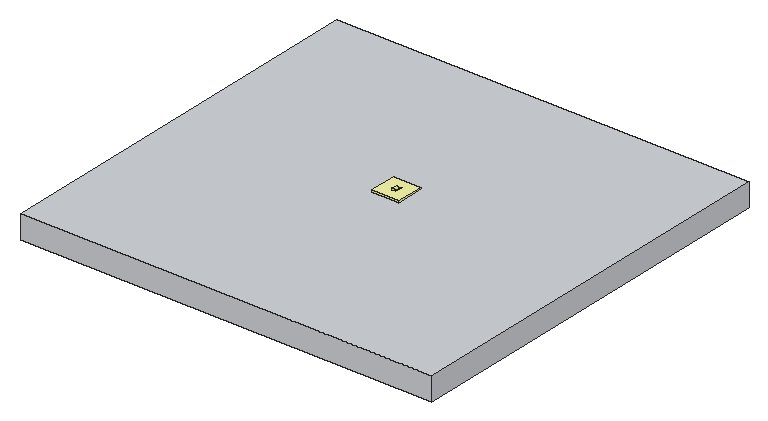
Revit family "ES_Two Way Switch", category Lighting Devices, host Face, Revit 2013
Parameters (values of type "1 Gang")
  Switch Voltage = 230 V
  Load Classification = Other
  Label = ""
  Default Elevation = 1200 mm
  Assembly Code = ""
  Apparent Load = 0 VA
Reference planes
  plane 1 "Center (Front/Back)": y = 0
  plane 2: z = 0
  plane 3 "Center (Left/Right)": x = 0
  plane 4 "level above": z = 4.762
  plane 5 "level below": z = -53.975
  plane 6: x = -43
  plane 7: x = 43
  plane 8: y = 43
  plane 9: y = -43
  plane 10: y = 32
  plane 11: y = -32
  plane 12: x = -32
  plane 13: x = 32
Forms (mm)
  Extrusion 1, solid
    sketch origin (0, 0, 0) x (1, 0, 0) y (0, 1, 0)
      loop
        line (-644.525, 571.5) -> (-644.525, -666.75) -> (644.525, -666.75) -> (644.525, 571.5) -> (-644.525, 571.5)
    from 0 to -72.672
  Extrusion 2, solid, material "Face Plate"
    sketch origin (0, 0, 0) x (1, 0, 0) y (0, 1, 0)
      loop
        line (-43, 43) -> (-43, -43) -> (43, -43) -> (43, 43) -> (-43, 43)
    from 0 to 4.762
  Extrusion 3, solid
    sketch origin (0, 0, 0) x (1, 0, 0) y (0, 1, 0)
      loop
        line (-32, 32) -> (-32, -32) -> (32, -32) -> (32, 32) -> (-32, 32)
    from 0 to -53.975
  Extrusion 4, solid, material "Face Plate"
    sketch origin (0, 0, 0) x (0, 1, 0) y (0, 0, 1)
      loop
        line (11, 4.8) -> (-11, 10) -> (-11, 4.8) -> (11, 4.8)
    from -7 to 7
Lines and regions (mm)
  symbolic lines, detail levels fine
    curve 1: line (34.925, 0, 0) -> (-35.285, 0, 0)
    curve 2: line (34.925, 0, 4.762) -> (34.925, 0, 0)
    curve 3: line (-35.285, 0, 4.762) -> (34.925, 0, 4.762)
    curve 4: line (-35.285, 0, 0) -> (-35.285, 0, 4.762)
    curve 5: line (19.05, 0, -53.975) -> (-19.41, 0, -53.975)
    curve 6: line (19.05, 0, 0) -> (19.05, 0, -53.975)
    curve 7: line (-19.41, 0, -53.975) -> (-19.41, 0, 0)
Dimensions and locks
  locked: plane 4 "level above" to level at 4.763
  locked: level to plane 5 "level below" at 53.975
  plane 6 to plane 3 "Center (Left/Right)" to plane 7 = 43 mm, 43 mm
  plane 6 to plane 7 = 86 mm
  plane 1 "Center (Front/Back)" to plane 9 = 43 mm
  plane 1 "Center (Front/Back)" to plane 8 = 43 mm
  plane 12 to plane 3 "Center (Left/Right)" to plane 13 = 32 mm, 32 mm
  plane 10 to plane 1 "Center (Front/Back)" to plane 11 = 32 mm, 32 mm
  plane 12 to plane 13 = 64 mm
  plane 10 to plane 11 = 64 mm
  aligned and locked: plane 2 to Extrusion 1
  aligned and locked: level to Extrusion 1
  aligned and locked: Extrusion 2 to level
  aligned and locked: plane 4 "level above" to Extrusion 2
  aligned and locked: Extrusion 3 to level
  aligned and locked: Extrusion 3 to plane 5 "level below"
Nested families
  nested 1: "SW_2W" at (0, 0, 0), type "SW_2W"
Connectors
  electrical at (0, 0, 0)
    settings: on Extrusion 2, index 1, voltage 0 V, apparent load 0 VA, apparent load phase1 0 VA, apparent load phase2 0 VA, apparent load phase3 0 VA, power factor 1, load classification "Other", number of poles 1, system type 31, power factor state 1, is connector primary yes, connector utility no, sub classification motor no, connector description ""
Definition of nested family "SW_2W"
  Reference planes
    plane 1: y = 0
    plane 2: x = 0
  Lines and regions (mm)
    Filled region 1, type "Filled region 1"
      outline origin (0, 0, 0) x (1, 0, 0) y (0, 1, 0)
        loop
          circle (0, 0.837) r 0.85
    detail lines, style "Switch Symbols"
      curve 1: line (0, 0.837, 0) -> (3.157, 3.994, 0)
  Text (mm)
    text "2" at (-0.088, 3.445, 0)
